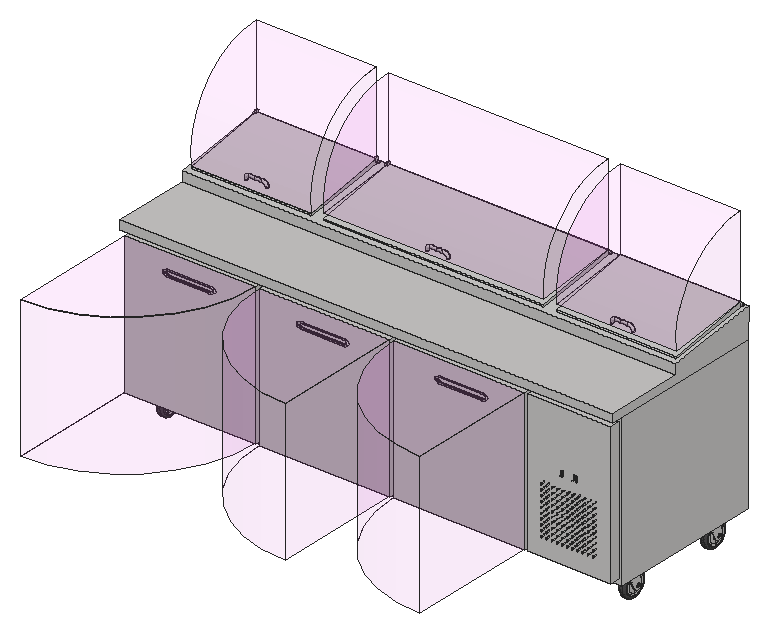
Revit family "QF_Kelvinator_738254_KCHPT92.12", category Specialty Equipment, Revit 2021 (continued)
Definition of nested family "KCHPT"
  Automatic sketch dimensions
    radius of Sweep 27 sketch curve = 1/4"
    radius of Extrusion 13 sketch curve = 1/4"
    radius of Sweep 19 sketch curve = 1/4"
  Nested families (in)
    nested 1: "6 INCHES 02_CASTER" at (91.325, -25.4, 0), type "6 INCHES 02_CASTER"
      with Type Mark "", Specification by User "", Show Casters yes, Revision Code "", Item Number "", Installed By "", Identify Quantity as Lot yes, Furnished By "", Foodservice Equipment Identifier yes
    nested 2: "6 INCHES 02_CASTER" at (2.875, -25.4, 0), type "6 INCHES 02_CASTER"
      with Type Mark "", Specification by User "", Show Casters yes, Revision Code "", Item Number "", Installed By "", Identify Quantity as Lot yes, Furnished By "", Foodservice Equipment Identifier yes
    nested 3: "6 INCHES 02_CASTER" at (91.325, -6.025, 0), type "6 INCHES 02_CASTER"
      with Type Mark "", Specification by User "", Show Casters yes, Revision Code "", Item Number "", Installed By "", Identify Quantity as Lot yes, Furnished By "", Foodservice Equipment Identifier yes
    nested 4: "6 INCHES 02_CASTER" at (2.875, -6.025, 0), type "6 INCHES 02_CASTER"
      with Type Mark "", Specification by User "", Show Casters yes, Revision Code "", Item Number "", Installed By "", Identify Quantity as Lot yes, Furnished By "", Foodservice Equipment Identifier yes
  Definition of nested family "6 INCHES 02_CASTER"
    Parameters (values of type "6 INCHES 02_CASTER")
      Weight = ""
      URL Manufacturer = ""
      URL Cutsheet = ""
      URL = ""
      Type Mark [instance] = ""
      Specification by User [instance] = ""
      Specification by Manufacturer = ""
      Show Casters [instance] = yes
      Serial Number = ""
      Seismic Rating = ""
      SMACNA No = ""
      Revision Code [instance] = ""
      Omniclass Number and Title = ""
      NAFEM Spec ID Number = ""
      Model = ""
      MasterSpec. = ""
      Manufacturer = ""
      Item Number [instance] = ""
      Installed By [instance] = ""
      Identify Quantity as Lot [instance] = yes
      Furnished By [instance] = ""
      Foodservice Equipment Identifier [instance] = yes
      Description = ""
      Default Elevation = 0"
      CSI MasterFormat = ""
      CSI Master Format = ""
    Reference planes (in)
      plane 1 "BACK": y = 0
      plane 2: z = 0
      plane 3 "LEFT": x = 0
      plane 4 "RIGHT": x = 0
      plane 5 "FRONT": y = 0
      plane 6 "TOP": z = 5.5
    Forms (in)
      Revolve 1, solid, visible <- "Show Casters"
        sketch origin (-2.21793, 0, -0.25) x (-1, 0, 0) y (0, 0, 1)
          loop
            line (-2.21793, 5.75) -> (-2.21793, 5.55584) -> (-0.71818, 5.55584) -> (-0.71818, 5.75) -> (-2.21793, 5.75)
          axis (-2.21793, 5.55584) -> (-2.21793, 5.75)
        angle from 0 to 360
      Extrusion 2, solid, visible <- "Show Casters"
        sketch origin (0.25594, 2.08988, -0.1875) x (0, 1, 0) y (0, 0, 1)
          loop
            line (-3.37793, 5.49334) -> (-3.37793, 5.24334) -> (-1.67236, 2.30765)
            arc (-1.67236, 2.30765) -> (-0.65502, 1.97635) -> (-0.25363, 2.96812) r 0.78437
            line (-0.25363, 2.96812) -> (-0.80182, 5.49334) -> (-3.37793, 5.49334)
        from 0.78968 to 0.90247
      Extrusion 3, solid, visible <- "Show Casters"
        sketch origin (-0.25594, 2.08988, -0.1875) x (0, 1, 0) y (0, 0, -1)
          loop
            line (-3.37793, -5.24334) -> (-3.37793, -5.49334) -> (-0.80182, -5.49334) -> (-0.25363, -2.96812)
            arc (-0.25363, -2.96812) -> (-0.65502, -1.97635) -> (-1.67236, -2.30765) r 0.78437
            line (-1.67236, -2.30765) -> (-3.37793, -5.24334)
        from 0.78968 to 0.90247
      Extrusion 4, solid, visible <- "Show Casters"
        sketch origin (0, -0.12806, 0.75) x (0, 1, 0) y (0, 0, 1)
          loop
            line (-1.16, 4.55584) -> (-1.16, 4.30584) -> (1.41611, 4.30584) -> (1.41611, 4.55584) -> (-1.16, 4.55584)
        from -1.04562 to 1.04562
      Revolve 5, solid, visible <- "Show Casters"
        sketch origin (-1.9375, 1.11772, -0.12802) x (1, 0, 0) y (0, 0, 1)
          loop
            line (0.5843, 2.5666) -> (0.5843, 2.4286) -> (0.6343, 2.3786) -> (0.6943, 2.3786) -> (0.6943, 2.2429) -> (1.1725, 2.2429) -> (1.1725, 1.84743) -> (1.30191, 1.77271) -> (1.42647, 1.00302) -> (1.28125, 1.00302) -> (1.28125, 0.75302) -> (1.3125, 0.75302) -> (1.3125, 0.50302)
            arc (1.3125, 0.50302) -> (1.42233, 0.23785) -> (1.6875, 0.12802) r 0.375
            line (1.6875, 0.12802) -> (2.1875, 0.12802)
            arc (2.1875, 0.12802) -> (2.45267, 0.23785) -> (2.5625, 0.50302) r 0.375
            line (2.5625, 0.50302) -> (2.5625, 0.75302) -> (2.59375, 0.75302) -> (2.59375, 1.00302) -> (2.44853, 1.00302) -> (2.57366, 1.77622) -> (2.7025, 1.85061) -> (2.7025, 2.2429) -> (3.1807, 2.2429) -> (3.1807, 2.3786) -> (3.2407, 2.3786) -> (3.2907, 2.4286) -> (3.2907, 2.5666) -> (0.5843, 2.5666)
          axis (0.5843, 2.5666) -> (3.2907, 2.5666)
        angle from 0 to 360
    Cuts and joins
      joined: Extrusion 2, Extrusion 3, Extrusion 4
    Lines and regions (in)
      symbolic lines, visible <- "Show Casters"
        curve 1: line (0.45873, 2.04243, 0) -> (1.54127, 1.41743, 0)
        curve 2: line (-1.54127, -1.42167, 0) -> (-0.79127, -0.12263, 0)
        curve 3: line (-0.45873, -2.04667, 0) -> (-1.54127, -1.42167, 0)
        curve 4: line (1.54127, 1.41743, 0) -> (0.79127, 0.11839, 0)
        curve 5: line (-0.29127, 0.74339, 0) -> (0.45873, 2.04243, 0)
        curve 6: line (0.29127, -0.74763, 0) -> (-0.45873, -2.04667, 0)
    Dimensions and locks (in)
      plane 6 "TOP" to level = 5 1/2"  (x2)
      aligned and locked: level to plane 2
